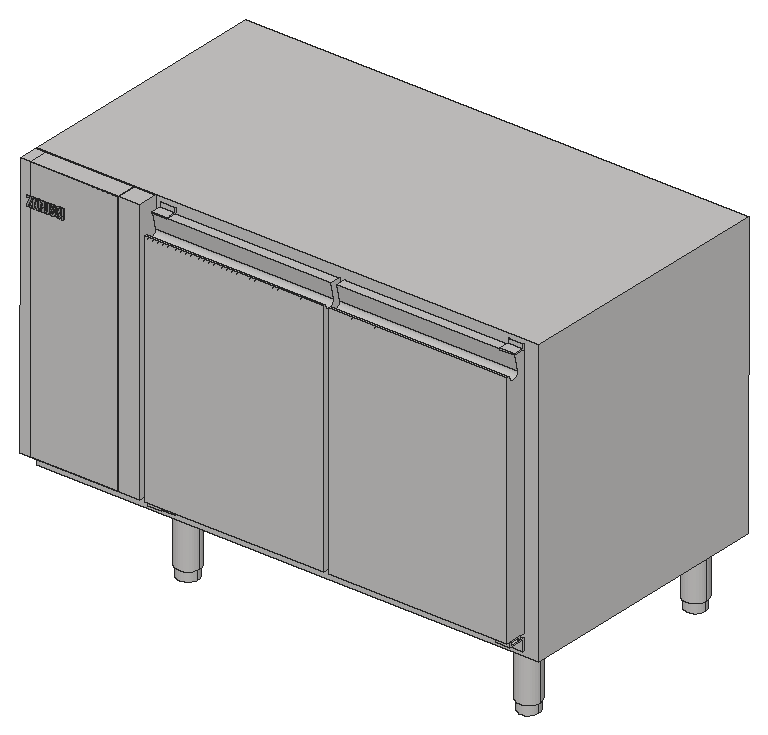
Revit family "QF_ZANUSSI_111110_ZK2H7AA", category Attrezzature speciali, Revit 2018
Family settings
  Quota connettore circolare = Usa diametro
  Tipo di parte = Normale
  Basato su piano di lavoro = No
  Sempre verticale = Sì
  Taglio con vuoti quando caricato = No
  Condiviso = No
  Punto di calcolo locali = No
Parameters (values of type "Standard")
  Weight = 90.00 kg
  Watts = 220 W
  Volts = 220 V
  URL Manufacturer = "http://www.zanussiprofessional.com"
  URL = "http://www.zanussiprofessional.com"
  Steam Supply Size = 0 mm
  Steam Supply Minimum Pressure = 0.0 Pa
  Steam Supply Maximum Pressure = 0.0 Pa
  Steam Consumption per Hour = 0
  Refrigeration Suction Line Size = 0 mm
  Refrigeration Liquid Line Size = 0 mm
  Refrigerant Compressor Remote = yes
  Produttore = "Zanussi"
  Phase = 1
  Modello = "ZK2H7AA"
  Length Actual = 1241 mm  # constant formula
  Item Number = "111110"
  Hot Water Size = 0 mm
  Height Actual = 850 mm  # constant formula
  HP = "0.3 HP"
  Gas Size = 0 mm
  Gas KW = 0
  Gas Input Pressure = 0 W
  Direct Waste Size = 0 mm
  Descrizione = "2-DOOR REFRIGERATED COUNTER, -2+10°C, AISI 304 (R290) WITHOUT WORK TOP"
  Depth Actual = 700 mm  # constant formula
  Cycle = 50 Hz
  Condensate Return Size = 0 mm
  Compressed Air Volume = 0.0 L/s
  Compressed Air Size = 0 mm
  Compressed Air Pressure = 0.0 Pa
  Cold Water Size = 0 mm
  Accessory = yes
Values of the unnamed type that differ from the named types
  Weight = 0.00 kg
  Watts = 0 W
  Volts = 0 V
  URL Manufacturer = ""
  Item Number = ""
  HP = ""
  Cycle = 0 Hz
Reference planes
  plane 1: z = 0
  plane 2 "Center (Left/Right)": x = -126.5
  plane 3 "Center (Front/Back)": y = 64.5
  plane 4 "FEET": z = 150
  plane 5 "TOP": z = 900
  plane 6 "PLAIN": z = 850
  plane 7 "EI_back": y = 103
  plane 8 "EI_left": x = -686
  plane 9 "BACK": y = 412
  plane 10 "FRONT": y = -283
  plane 11 "DOOR": y = -233
  plane 12 "LEFT": x = -747
  plane 13 "RIGHT": x = 494
  plane 14: x = -722
  plane 15: x = 469
Forms (mm)
  Extrusion 1, solid, material "QF_Finishes_Stainless Steel"
    sketch origin (-1022.223, -1524, 150) x (-1, 0, 0) y (0, -1, 0)
      loop
        circle (-336.223, -1627) r 5
    from 0 to -40
  Extrusion 2, solid, material "QF_Finishes_Stainless Steel"
    sketch origin (-1022.223, -1524, 150) x (-1, 0, 0) y (0, -1, 0)
      loop
        line (-516.223, -1291) -> (-300.223, -1291) -> (-300.223, -1241) -> (-516.223, -1241) -> (-516.223, -1291)
    from 48 to 700
  Extrusion 3, solid, material "QF_Finishes_Stainless Steel"
    sketch origin (-1022.223, -1524, 150) x (-1, 0, 0) y (0, -1, 0)
      loop
        line (-275.223, -1936) -> (-275.223, -1291) -> (-1516.223, -1291) -> (-1516.223, -1936) -> (-275.223, -1936)
    from 0 to 700
Lines and regions (mm)
  symbolic lines, style "SpecialityEquipmentHiddenLines"
    curve 1: line (-747, 412, 150) -> (494, 412, 150)
    curve 2: line (-747, -283, 150) -> (-747, 412, 150)
    curve 3: line (494, -283, 150) -> (-747, -283, 150)
    curve 4: line (494, 412, 150) -> (494, -283, 150)
    curve 5: line (-747, -233, 150) -> (494, -233, 150)
    curve 6: line (469, -283, 150) -> (469, -233, 150)
Dimensions and locks
  plane 4 "FEET" to level = 150 mm
  plane 11 "DOOR" to plane 10 "FRONT" = 50 mm
  plane 6 "PLAIN" to plane 4 "FEET" = 700 mm
  plane 5 "TOP" to plane 6 "PLAIN" = 50 mm
  plane 12 "LEFT" to plane 14 = 25 mm
  plane 15 to plane 13 "RIGHT" = 25 mm
  plane 9 "BACK" to plane 7 "EI_back" = 309 mm
  plane 12 "LEFT" to plane 8 "EI_left" = 61 mm
  plane 12 "LEFT" to plane 13 "RIGHT" = 1241 mm
  equal spacing: plane 12 "LEFT", plane 2 "Center (Left/Right)", plane 13 "RIGHT"
  plane 9 "BACK" to plane 10 "FRONT" = 695 mm
  equal spacing: plane 9 "BACK", plane 3 "Center (Front/Back)", plane 10 "FRONT"
  aligned and locked: level to plane 1
  aligned and locked: plane 14 to Extrusion 2
Automatic sketch dimensions
  Extrusion 1 sketch curve to plane 7 "EI_back" = 0 mm
  Extrusion 1 sketch curve to plane 8 "EI_left" = 0 mm
  Extrusion 2 sketch curve to plane 11 "DOOR" = 0 mm
  Extrusion 2 sketch curve to plane 13 "RIGHT" = 1216 mm
  Extrusion 2 sketch curve to plane 10 "FRONT" = 0 mm
  Extrusion 2 sketch curve to plane 15 = 975 mm
  Extrusion 3 sketch curve to plane 9 "BACK" = 0 mm
  Extrusion 3 sketch curve to plane 13 "RIGHT" = 0 mm
  Extrusion 3 sketch curve to plane 11 "DOOR" = 0 mm
  Extrusion 3 sketch curve to plane 12 "LEFT" = 0 mm
  curve 1 to plane 13 "RIGHT" = 0 mm
  curve 6 to plane 10 "FRONT" = 0 mm
  curve 6 to plane 15 = 0 mm
  curve 5 to plane 12 "LEFT" = 0 mm
  curve 6 to plane 11 "DOOR" = 0 mm
  curve 1 to plane 9 "BACK" = 0 mm
  radius of Extrusion 1 sketch curve = 5 mm
Nested families
  nested 1: "HPC_Refrigerator" at (494, -283, 0), type "HPC_Refrigerator"
  nested 2: "HPC_FEET" at (-413, 331, 0), type "HPC_FEET"
  nested 3: "HPC_FEET" at (428, 331, 0), type "HPC_FEET"
  nested 4: "HPC_FEET" at (-413, -183, 0), type "HPC_FEET"
  nested 5: "HPC_FEET" at (428, -183, 0), type "HPC_FEET"
  nested 6: "HPC_ZAN_BI_TN_L" at (-540.08, -233, 598) x (1, 0, 0) z (0, -1, 0), type "HPC_ZAN_BI_TN_L"
    with Show Logo yes
  nested 7: "HPC_ZAN_SD_L" at (-219, -233, 512) x (1, 0, 0) z (0, -1, 0), type "HPC_ZAN_SD_L"
    with Show Clearance yes
  nested 8: "HPC_ZAN_SD_R" at (235, -233, 512) x (1, 0, 0) z (0, -1, 0), type "HPC_ZAN_SD_R"
    with Show Clearance yes
Connectors
  electrical at (-686, 103, 110), driven by "Volts"
    settings: on Extrusion 1, index 1, voltage 220 V, apparent load 0 VA, apparent load phase1 0 VA, apparent load phase2 0 VA, apparent load phase3 0 VA, power factor 1, load classification "Other", number of poles 1, system type 31, power factor state 1, is connector primary yes, connector utility no, sub classification motor no, connector description "Electrical Connection"
Definition of nested family "HPC_FEET"
  Parameters
    FEET = 150 mm
  Reference planes
    plane 1 "Center (Front/Back)": y = 0
    plane 2: z = 0
    plane 3 "Center (Left/Right)": x = 0
    plane 4: z = 150
  Forms (mm)
    Revolve 1, solid
      sketch origin (255.05, 0, 608.09) x (0, 0, 1) y (-1, 0, 0)
        loop
          line (-608.09, 255.05) -> (-608.09, 230.05) -> (-583.09, 230.05) -> (-583.09, 226.05) -> (-458.09, 226.05) -> (-458.09, 255.05) -> (-608.09, 255.05)
        axis (-608.09, 255.05) -> (-458.09, 255.05)
      angle from 0 to 360
  Dimensions and locks
    locked: Revolve 1 sketch curve to Revolve 1 sketch curve at 125
    "FEET": plane 4 to plane 2
    aligned and locked: level to plane 2
    aligned and locked: plane 4 to Revolve 1 sketch curve
    aligned and locked: Revolve 1 sketch curve to level
    aligned and locked: plane 3 "Center (Left/Right)" to Revolve 1 sketch curve
  Automatic sketch dimensions
    Revolve 1 sketch curve to plane 3 "Center (Left/Right)" = 0 mm
    Revolve 1 sketch curve to Revolve 1 sketch curve = 25 mm
    Revolve 1 sketch curve to Revolve 1 sketch curve = 29 mm
    plane 4 to Revolve 1 sketch curve = 50 mm
    Revolve 1 sketch curve to Revolve 1 sketch curve = 20 mm
Definition of nested family "HPC_ZAN_BI_TN_L"
  Parameters
    Show Logo [instance] = yes
    Default Elevation = 1219.2 mm
  Reference planes
    plane 1 "Center (Front/Back)": y = -74
    plane 2: z = 0
    plane 3 "Center (Left/Right)": x = -59.92
    plane 4: x = -206.92
    plane 5: x = 87.08
    plane 6: y = 252
    plane 7: y = -400
  Forms (mm)
    Extrusion 1, solid
      sketch origin (0, 0, 0) x (1, 0, 0) y (0, 1, 0)
        loop
          line (-1219.2, 1219.2) -> (-1219.2, -1219.2) -> (1219.2, -1219.2) -> (1219.2, 1219.2) -> (-1219.2, 1219.2)
      from 0 to -304.8
    Extrusion 2, solid
      sketch origin (0, 0, 0) x (1, 0, 0) y (0, 1, 0)
        loop
          line (-206.92, 252) -> (-206.92, -400) -> (87.08, -400) -> (87.08, 252) -> (-206.92, 252)
      from 0 to 50
    Extrusion 3, solid, not visible
      sketch origin (0, 0, 0) x (1, 0, 0) y (0, 1, 0)
        loop
          line (-206.92, 252) -> (-206.92, -400) -> (87.08, -400) -> (87.08, 252) -> (-206.92, 252)
      from 0 to 50
    Extrusion 4, solid
      sketch origin (0, 0, 0) x (1, 0, 0) y (0, 1, 0)
        loop
          line (-176.98, 153.377) -> (-176.98, 158.29) -> (-184.348, 158.29) -> (-176.98, 173.31) -> (-176.98, 177.381) -> (-189.192, 177.381) -> (-189.192, 172.889) -> (-182.735, 173.029) -> (-189.754, 158.29) -> (-189.754, 153.377) -> (-176.98, 153.377)
        loop
          line (-169.929, 162.361) -> (-167.122, 162.361) -> (-168.525, 173.278) -> (-169.929, 162.361)
        loop
          line (-171.192, 153.377) -> (-170.491, 158.009) -> (-166.42, 158.009) -> (-165.718, 153.377) -> (-160.664, 153.377) -> (-165.156, 177.381) -> (-171.894, 177.381) -> (-176.246, 153.377) -> (-171.192, 153.377)
        loop
          line (-160.042, 177.381) -> (-160.042, 153.377) -> (-155.691, 153.377) -> (-155.691, 169.239) -> (-151.62, 153.377) -> (-146.286, 153.377) -> (-146.286, 177.381) -> (-150.778, 177.381) -> (-150.778, 162.08) -> (-154.848, 177.381) -> (-160.042, 177.381)
        loop
          arc (-145.163, 159.313) -> (-139.158, 153.338) -> (-132.389, 158.43) r 6.468
          line (-132.389, 158.43) -> (-132.389, 177.381) -> (-137.302, 177.381) -> (-137.302, 159.553)
          arc (-137.302, 159.553) -> (-138.593, 158.064) -> (-140.25, 159.132) r 1.504
          line (-140.25, 159.132) -> (-140.25, 177.381) -> (-145.163, 177.381) -> (-145.163, 159.313)
        loop
          line (-123.264, 169.8) -> (-118.632, 169.8) -> (-118.556, 171.983)
          arc (-118.556, 171.983) -> (-118.879, 174.415) -> (-120.404, 176.338) r 4.609
          arc (-120.404, 176.338) -> (-124.888, 177.8) -> (-129.372, 176.338) r 7.606
          arc (-129.372, 176.338) -> (-131.2, 172.788) -> (-130.974, 168.801) r 7.59
          arc (-130.974, 168.801) -> (-129.472, 166.597) -> (-127.628, 164.67) r 16.193
          line (-127.628, 164.67) -> (-125.559, 162.836)
          arc (-125.559, 162.836) -> (-124.336, 161.798) -> (-123.386, 160.505) r 6.904
          arc (-123.386, 160.505) -> (-123.621, 158.247) -> (-125.834, 157.743) r 1.95
          arc (-125.834, 157.743) -> (-126.501, 158.417) -> (-126.786, 159.321) r 2.021
          arc (-126.786, 159.321) -> (-126.808, 159.958) -> (-126.786, 160.595) r 9.221
          arc (-126.786, 160.595) -> (-126.765, 161.197) -> (-126.786, 161.799) r 8.711
          line (-126.786, 161.799) -> (-131.687, 161.799)
          arc (-131.687, 161.799) -> (-131.64, 158.363) -> (-130.285, 155.205) r 8.837
          arc (-130.285, 155.205) -> (-123.886, 153.382) -> (-118.495, 157.284) r 7.618
          arc (-118.495, 157.284) -> (-118.397, 161.313) -> (-120.126, 164.954) r 8.7
          line (-120.126, 164.954) -> (-125.51, 169.8)
          arc (-125.51, 169.8) -> (-126.239, 170.716) -> (-126.629, 171.818) r 3.541
          arc (-126.629, 171.818) -> (-125.243, 173.797) -> (-123.264, 172.411) r 1.708
          line (-123.264, 172.411) -> (-123.264, 169.8)
        loop
          line (-109.264, 169.8) -> (-104.632, 169.8) -> (-104.556, 171.983)
          arc (-104.556, 171.983) -> (-104.879, 174.415) -> (-106.404, 176.338) r 4.609
          arc (-106.404, 176.338) -> (-110.888, 177.8) -> (-115.372, 176.338) r 7.606
          arc (-115.372, 176.338) -> (-117.2, 172.788) -> (-116.974, 168.801) r 7.59
          arc (-116.974, 168.801) -> (-115.472, 166.597) -> (-113.628, 164.67) r 16.193
          line (-113.628, 164.67) -> (-111.559, 162.836)
          arc (-111.559, 162.836) -> (-110.336, 161.798) -> (-109.386, 160.505) r 6.904
          arc (-109.386, 160.505) -> (-109.621, 158.247) -> (-111.834, 157.743) r 1.95
          arc (-111.834, 157.743) -> (-112.501, 158.417) -> (-112.786, 159.321) r 2.021
          arc (-112.786, 159.321) -> (-112.808, 159.958) -> (-112.786, 160.595) r 9.221
          arc (-112.786, 160.595) -> (-112.765, 161.197) -> (-112.786, 161.799) r 8.711
          line (-112.786, 161.799) -> (-117.687, 161.799)
          arc (-117.687, 161.799) -> (-117.64, 158.363) -> (-116.285, 155.205) r 8.837
          arc (-116.285, 155.205) -> (-109.886, 153.382) -> (-104.495, 157.284) r 7.618
          arc (-104.495, 157.284) -> (-104.397, 161.313) -> (-106.126, 164.954) r 8.7
          line (-106.126, 164.954) -> (-111.51, 169.8)
          arc (-111.51, 169.8) -> (-112.239, 170.716) -> (-112.629, 171.818) r 3.541
          arc (-112.629, 171.818) -> (-111.243, 173.797) -> (-109.264, 172.411) r 1.708
          line (-109.264, 172.411) -> (-109.264, 169.8)
        loop
          line (-103.612, 177.381) -> (-103.612, 153.377) -> (-98.699, 153.377) -> (-98.699, 177.381) -> (-103.612, 177.381)
      from 50 to 51.6
  Lines and regions (mm)
    Split face 1
      outline origin (-12.5, 0, 50) x (1, 0, 0) y (0, 1, 0)
        loop
          line (-5.42, 177) -> (-5.42, 154) -> (64.58, 154) -> (64.58, 177) -> (-5.42, 177)
    Split face 2
      outline origin (0, 0, 50) x (1, 0, 0) y (0, 1, 0)
        loop
          line (-206.92, 188) -> (87.08, 188)
    Split face 3
      outline origin (0, 0, 50) x (1, 0, 0) y (0, 1, 0)
        loop
          arc (-163.464, 131.824) -> (-167.464, 127.824) -> (-163.464, 123.824) r 4
          line (-163.464, 123.824) -> (-121.464, 123.824)
          arc (-121.464, 123.824) -> (-117.464, 127.824) -> (-121.464, 131.824) r 4
          line (-121.464, 131.824) -> (-163.464, 131.824)
    Split face 4
      outline origin (330, 0, 50) x (1, 0, 0) y (0, 1, 0)
        loop
          arc (-328.464, 131.824) -> (-332.464, 127.824) -> (-328.464, 123.824) r 4
          line (-328.464, 123.824) -> (-286.464, 123.824)
          arc (-286.464, 123.824) -> (-282.464, 127.824) -> (-286.464, 131.824) r 4
          line (-286.464, 131.824) -> (-328.464, 131.824)
    Split face 5
      outline origin (110, 0, 50) x (1, 0, 0) y (0, 1, 0)
        loop
          arc (-218.464, 131.824) -> (-222.464, 127.824) -> (-218.464, 123.824) r 4
          line (-218.464, 123.824) -> (-176.464, 123.824)
          arc (-176.464, 123.824) -> (-172.464, 127.824) -> (-176.464, 131.824) r 4
          line (-176.464, 131.824) -> (-218.464, 131.824)
    Split face 6
      outline origin (220, 0, 50) x (1, 0, 0) y (0, 1, 0)
        loop
          arc (-273.464, 131.824) -> (-277.464, 127.824) -> (-273.464, 123.824) r 4
          line (-273.464, 123.824) -> (-231.464, 123.824)
          arc (-231.464, 123.824) -> (-227.464, 127.824) -> (-231.464, 131.824) r 4
          line (-231.464, 131.824) -> (-273.464, 131.824)
    Split face 7, not visible
      outline origin (0, 0, 50) x (1, 0, 0) y (0, 1, 0)
        loop
          arc (-163.464, 131.824) -> (-167.464, 127.824) -> (-163.464, 123.824) r 4
          line (-163.464, 123.824) -> (-121.464, 123.824)
          arc (-121.464, 123.824) -> (-117.464, 127.824) -> (-121.464, 131.824) r 4
          line (-121.464, 131.824) -> (-163.464, 131.824)
    Split face 8
      outline origin (0, -24, 50) x (1, 0, 0) y (0, 1, 0)
        loop
          arc (-163.464, 143.824) -> (-167.464, 139.824) -> (-163.464, 135.824) r 4
          line (-163.464, 135.824) -> (-121.464, 135.824)
          arc (-121.464, 135.824) -> (-117.464, 139.824) -> (-121.464, 143.824) r 4
          line (-121.464, 143.824) -> (-163.464, 143.824)
    Split face 9
      outline origin (330, -24, 50) x (1, 0, 0) y (0, 1, 0)
        loop
          arc (-328.464, 143.824) -> (-332.464, 139.824) -> (-328.464, 135.824) r 4
          line (-328.464, 135.824) -> (-286.464, 135.824)
          arc (-286.464, 135.824) -> (-282.464, 139.824) -> (-286.464, 143.824) r 4
          line (-286.464, 143.824) -> (-328.464, 143.824)
    Split face 10
      outline origin (110, -24, 50) x (1, 0, 0) y (0, 1, 0)
        loop
          arc (-218.464, 143.824) -> (-222.464, 139.824) -> (-218.464, 135.824) r 4
          line (-218.464, 135.824) -> (-176.464, 135.824)
          arc (-176.464, 135.824) -> (-172.464, 139.824) -> (-176.464, 143.824) r 4
          line (-176.464, 143.824) -> (-218.464, 143.824)
    Split face 11
      outline origin (220, -24, 50) x (1, 0, 0) y (0, 1, 0)
        loop
          arc (-273.464, 143.824) -> (-277.464, 139.824) -> (-273.464, 135.824) r 4
          line (-273.464, 135.824) -> (-231.464, 135.824)
          arc (-231.464, 135.824) -> (-227.464, 139.824) -> (-231.464, 143.824) r 4
          line (-231.464, 143.824) -> (-273.464, 143.824)
    Split face 12
      outline origin (0, -48, 50) x (1, 0, 0) y (0, 1, 0)
        loop
          arc (-163.464, 155.824) -> (-167.464, 151.824) -> (-163.464, 147.824) r 4
          line (-163.464, 147.824) -> (-121.464, 147.824)
          arc (-121.464, 147.824) -> (-117.464, 151.824) -> (-121.464, 155.824) r 4
          line (-121.464, 155.824) -> (-163.464, 155.824)
    Split face 13
      outline origin (330, -48, 50) x (1, 0, 0) y (0, 1, 0)
        loop
          arc (-328.464, 155.824) -> (-332.464, 151.824) -> (-328.464, 147.824) r 4
          line (-328.464, 147.824) -> (-286.464, 147.824)
          arc (-286.464, 147.824) -> (-282.464, 151.824) -> (-286.464, 155.824) r 4
          line (-286.464, 155.824) -> (-328.464, 155.824)
    Split face 14
      outline origin (110, -48, 50) x (1, 0, 0) y (0, 1, 0)
        loop
          arc (-218.464, 155.824) -> (-222.464, 151.824) -> (-218.464, 147.824) r 4
          line (-218.464, 147.824) -> (-176.464, 147.824)
          arc (-176.464, 147.824) -> (-172.464, 151.824) -> (-176.464, 155.824) r 4
          line (-176.464, 155.824) -> (-218.464, 155.824)
    Split face 15
      outline origin (220, -48, 50) x (1, 0, 0) y (0, 1, 0)
        loop
          arc (-273.464, 155.824) -> (-277.464, 151.824) -> (-273.464, 147.824) r 4
          line (-273.464, 147.824) -> (-231.464, 147.824)
          arc (-231.464, 147.824) -> (-227.464, 151.824) -> (-231.464, 155.824) r 4
          line (-231.464, 155.824) -> (-273.464, 155.824)
    Split face 16
      outline origin (0, -72, 50) x (1, 0, 0) y (0, 1, 0)
        loop
          arc (-163.464, 167.824) -> (-167.464, 163.824) -> (-163.464, 159.824) r 4
          line (-163.464, 159.824) -> (-121.464, 159.824)
          arc (-121.464, 159.824) -> (-117.464, 163.824) -> (-121.464, 167.824) r 4
          line (-121.464, 167.824) -> (-163.464, 167.824)
    Split face 17
      outline origin (330, -72, 50) x (1, 0, 0) y (0, 1, 0)
        loop
          arc (-328.464, 167.824) -> (-332.464, 163.824) -> (-328.464, 159.824) r 4
          line (-328.464, 159.824) -> (-286.464, 159.824)
          arc (-286.464, 159.824) -> (-282.464, 163.824) -> (-286.464, 167.824) r 4
          line (-286.464, 167.824) -> (-328.464, 167.824)
    Split face 18
      outline origin (110, -72, 50) x (1, 0, 0) y (0, 1, 0)
        loop
          arc (-218.464, 167.824) -> (-222.464, 163.824) -> (-218.464, 159.824) r 4
          line (-218.464, 159.824) -> (-176.464, 159.824)
          arc (-176.464, 159.824) -> (-172.464, 163.824) -> (-176.464, 167.824) r 4
          line (-176.464, 167.824) -> (-218.464, 167.824)
    Split face 19
      outline origin (220, -72, 50) x (1, 0, 0) y (0, 1, 0)
        loop
          arc (-273.464, 167.824) -> (-277.464, 163.824) -> (-273.464, 159.824) r 4
          line (-273.464, 159.824) -> (-231.464, 159.824)
          arc (-231.464, 159.824) -> (-227.464, 163.824) -> (-231.464, 167.824) r 4
          line (-231.464, 167.824) -> (-273.464, 167.824)
    Split face 20
      outline origin (0, -96, 50) x (1, 0, 0) y (0, 1, 0)
        loop
          arc (-163.464, 179.824) -> (-167.464, 175.824) -> (-163.464, 171.824) r 4
          line (-163.464, 171.824) -> (-121.464, 171.824)
          arc (-121.464, 171.824) -> (-117.464, 175.824) -> (-121.464, 179.824) r 4
          line (-121.464, 179.824) -> (-163.464, 179.824)
    Split face 21
      outline origin (330, -96, 50) x (1, 0, 0) y (0, 1, 0)
        loop
          arc (-328.464, 179.824) -> (-332.464, 175.824) -> (-328.464, 171.824) r 4
          line (-328.464, 171.824) -> (-286.464, 171.824)
          arc (-286.464, 171.824) -> (-282.464, 175.824) -> (-286.464, 179.824) r 4
          line (-286.464, 179.824) -> (-328.464, 179.824)
    Split face 22
      outline origin (110, -96, 50) x (1, 0, 0) y (0, 1, 0)
        loop
          arc (-218.464, 179.824) -> (-222.464, 175.824) -> (-218.464, 171.824) r 4
          line (-218.464, 171.824) -> (-176.464, 171.824)
          arc (-176.464, 171.824) -> (-172.464, 175.824) -> (-176.464, 179.824) r 4
          line (-176.464, 179.824) -> (-218.464, 179.824)
    Split face 23
      outline origin (220, -96, 50) x (1, 0, 0) y (0, 1, 0)
        loop
          arc (-273.464, 179.824) -> (-277.464, 175.824) -> (-273.464, 171.824) r 4
          line (-273.464, 171.824) -> (-231.464, 171.824)
          arc (-231.464, 171.824) -> (-227.464, 175.824) -> (-231.464, 179.824) r 4
          line (-231.464, 179.824) -> (-273.464, 179.824)
    Split face 24
      outline origin (0, -120, 50) x (1, 0, 0) y (0, 1, 0)
        loop
          arc (-163.464, 191.824) -> (-167.464, 187.824) -> (-163.464, 183.824) r 4
          line (-163.464, 183.824) -> (-121.464, 183.824)
          arc (-121.464, 183.824) -> (-117.464, 187.824) -> (-121.464, 191.824) r 4
          line (-121.464, 191.824) -> (-163.464, 191.824)
    Split face 25
      outline origin (330, -120, 50) x (1, 0, 0) y (0, 1, 0)
        loop
          arc (-328.464, 191.824) -> (-332.464, 187.824) -> (-328.464, 183.824) r 4
          line (-328.464, 183.824) -> (-286.464, 183.824)
          arc (-286.464, 183.824) -> (-282.464, 187.824) -> (-286.464, 191.824) r 4
          line (-286.464, 191.824) -> (-328.464, 191.824)
    Split face 26
      outline origin (110, -120, 50) x (1, 0, 0) y (0, 1, 0)
        loop
          arc (-218.464, 191.824) -> (-222.464, 187.824) -> (-218.464, 183.824) r 4
          line (-218.464, 183.824) -> (-176.464, 183.824)
          arc (-176.464, 183.824) -> (-172.464, 187.824) -> (-176.464, 191.824) r 4
          line (-176.464, 191.824) -> (-218.464, 191.824)
    Split face 27
      outline origin (220, -120, 50) x (1, 0, 0) y (0, 1, 0)
        loop
          arc (-273.464, 191.824) -> (-277.464, 187.824) -> (-273.464, 183.824) r 4
          line (-273.464, 183.824) -> (-231.464, 183.824)
          arc (-231.464, 183.824) -> (-227.464, 187.824) -> (-231.464, 191.824) r 4
          line (-231.464, 191.824) -> (-273.464, 191.824)
    Split face 28
      outline origin (0, -144, 50) x (1, 0, 0) y (0, 1, 0)
        loop
          arc (-163.464, 203.824) -> (-167.464, 199.824) -> (-163.464, 195.824) r 4
          line (-163.464, 195.824) -> (-121.464, 195.824)
          arc (-121.464, 195.824) -> (-117.464, 199.824) -> (-121.464, 203.824) r 4
          line (-121.464, 203.824) -> (-163.464, 203.824)
    Split face 29
      outline origin (330, -144, 50) x (1, 0, 0) y (0, 1, 0)
        loop
          arc (-328.464, 203.824) -> (-332.464, 199.824) -> (-328.464, 195.824) r 4
          line (-328.464, 195.824) -> (-286.464, 195.824)
          arc (-286.464, 195.824) -> (-282.464, 199.824) -> (-286.464, 203.824) r 4
          line (-286.464, 203.824) -> (-328.464, 203.824)
    Split face 30
      outline origin (110, -144, 50) x (1, 0, 0) y (0, 1, 0)
        loop
          arc (-218.464, 203.824) -> (-222.464, 199.824) -> (-218.464, 195.824) r 4
          line (-218.464, 195.824) -> (-176.464, 195.824)
          arc (-176.464, 195.824) -> (-172.464, 199.824) -> (-176.464, 203.824) r 4
          line (-176.464, 203.824) -> (-218.464, 203.824)
    Split face 31
      outline origin (220, -144, 50) x (1, 0, 0) y (0, 1, 0)
        loop
          arc (-273.464, 203.824) -> (-277.464, 199.824) -> (-273.464, 195.824) r 4
          line (-273.464, 195.824) -> (-231.464, 195.824)
          arc (-231.464, 195.824) -> (-227.464, 199.824) -> (-231.464, 203.824) r 4
          line (-231.464, 203.824) -> (-273.464, 203.824)
    Split face 32
      outline origin (0, -168, 50) x (1, 0, 0) y (0, 1, 0)
        loop
          arc (-163.464, 215.824) -> (-167.464, 211.824) -> (-163.464, 207.824) r 4
          line (-163.464, 207.824) -> (-121.464, 207.824)
          arc (-121.464, 207.824) -> (-117.464, 211.824) -> (-121.464, 215.824) r 4
          line (-121.464, 215.824) -> (-163.464, 215.824)
    Split face 33
      outline origin (330, -168, 50) x (1, 0, 0) y (0, 1, 0)
        loop
          arc (-328.464, 215.824) -> (-332.464, 211.824) -> (-328.464, 207.824) r 4
          line (-328.464, 207.824) -> (-286.464, 207.824)
          arc (-286.464, 207.824) -> (-282.464, 211.824) -> (-286.464, 215.824) r 4
          line (-286.464, 215.824) -> (-328.464, 215.824)
    Split face 34
      outline origin (110, -168, 50) x (1, 0, 0) y (0, 1, 0)
        loop
          arc (-218.464, 215.824) -> (-222.464, 211.824) -> (-218.464, 207.824) r 4
          line (-218.464, 207.824) -> (-176.464, 207.824)
          arc (-176.464, 207.824) -> (-172.464, 211.824) -> (-176.464, 215.824) r 4
          line (-176.464, 215.824) -> (-218.464, 215.824)
    Split face 35
      outline origin (220, -168, 50) x (1, 0, 0) y (0, 1, 0)
        loop
          arc (-273.464, 215.824) -> (-277.464, 211.824) -> (-273.464, 207.824) r 4
          line (-273.464, 207.824) -> (-231.464, 207.824)
          arc (-231.464, 207.824) -> (-227.464, 211.824) -> (-231.464, 215.824) r 4
          line (-231.464, 215.824) -> (-273.464, 215.824)
    Split face 36
      outline origin (0, -192, 50) x (1, 0, 0) y (0, 1, 0)
        loop
          arc (-163.464, 227.824) -> (-167.464, 223.824) -> (-163.464, 219.824) r 4
          line (-163.464, 219.824) -> (-121.464, 219.824)
          arc (-121.464, 219.824) -> (-117.464, 223.824) -> (-121.464, 227.824) r 4
          line (-121.464, 227.824) -> (-163.464, 227.824)
    Split face 37
      outline origin (330, -192, 50) x (1, 0, 0) y (0, 1, 0)
        loop
          arc (-328.464, 227.824) -> (-332.464, 223.824) -> (-328.464, 219.824) r 4
          line (-328.464, 219.824) -> (-286.464, 219.824)
          arc (-286.464, 219.824) -> (-282.464, 223.824) -> (-286.464, 227.824) r 4
          line (-286.464, 227.824) -> (-328.464, 227.824)
    Split face 38
      outline origin (110, -192, 50) x (1, 0, 0) y (0, 1, 0)
        loop
          arc (-218.464, 227.824) -> (-222.464, 223.824) -> (-218.464, 219.824) r 4
          line (-218.464, 219.824) -> (-176.464, 219.824)
          arc (-176.464, 219.824) -> (-172.464, 223.824) -> (-176.464, 227.824) r 4
          line (-176.464, 227.824) -> (-218.464, 227.824)
    Split face 39
      outline origin (220, -192, 50) x (1, 0, 0) y (0, 1, 0)
        loop
          arc (-273.464, 227.824) -> (-277.464, 223.824) -> (-273.464, 219.824) r 4
          line (-273.464, 219.824) -> (-231.464, 219.824)
          arc (-231.464, 219.824) -> (-227.464, 223.824) -> (-231.464, 227.824) r 4
          line (-231.464, 227.824) -> (-273.464, 227.824)
    Split face 40
      outline origin (0, -216, 50) x (1, 0, 0) y (0, 1, 0)
        loop
          arc (-163.464, 239.824) -> (-167.464, 235.824) -> (-163.464, 231.824) r 4
          line (-163.464, 231.824) -> (-121.464, 231.824)
          arc (-121.464, 231.824) -> (-117.464, 235.824) -> (-121.464, 239.824) r 4
          line (-121.464, 239.824) -> (-163.464, 239.824)
    Split face 41
      outline origin (330, -216, 50) x (1, 0, 0) y (0, 1, 0)
        loop
          arc (-328.464, 239.824) -> (-332.464, 235.824) -> (-328.464, 231.824) r 4
          line (-328.464, 231.824) -> (-286.464, 231.824)
          arc (-286.464, 231.824) -> (-282.464, 235.824) -> (-286.464, 239.824) r 4
          line (-286.464, 239.824) -> (-328.464, 239.824)
    Split face 42
      outline origin (110, -216, 50) x (1, 0, 0) y (0, 1, 0)
        loop
          arc (-218.464, 239.824) -> (-222.464, 235.824) -> (-218.464, 231.824) r 4
          line (-218.464, 231.824) -> (-176.464, 231.824)
          arc (-176.464, 231.824) -> (-172.464, 235.824) -> (-176.464, 239.824) r 4
          line (-176.464, 239.824) -> (-218.464, 239.824)
    Split face 43
      outline origin (220, -216, 50) x (1, 0, 0) y (0, 1, 0)
        loop
          arc (-273.464, 239.824) -> (-277.464, 235.824) -> (-273.464, 231.824) r 4
          line (-273.464, 231.824) -> (-231.464, 231.824)
          arc (-231.464, 231.824) -> (-227.464, 235.824) -> (-231.464, 239.824) r 4
          line (-231.464, 239.824) -> (-273.464, 239.824)
    Split face 44
      outline origin (0, -240, 50) x (1, 0, 0) y (0, 1, 0)
        loop
          arc (-163.464, 251.824) -> (-167.464, 247.824) -> (-163.464, 243.824) r 4
          line (-163.464, 243.824) -> (-121.464, 243.824)
          arc (-121.464, 243.824) -> (-117.464, 247.824) -> (-121.464, 251.824) r 4
          line (-121.464, 251.824) -> (-163.464, 251.824)
    Split face 45
      outline origin (330, -240, 50) x (1, 0, 0) y (0, 1, 0)
        loop
          arc (-328.464, 251.824) -> (-332.464, 247.824) -> (-328.464, 243.824) r 4
          line (-328.464, 243.824) -> (-286.464, 243.824)
          arc (-286.464, 243.824) -> (-282.464, 247.824) -> (-286.464, 251.824) r 4
          line (-286.464, 251.824) -> (-328.464, 251.824)
    Split face 46
      outline origin (110, -240, 50) x (1, 0, 0) y (0, 1, 0)
        loop
          arc (-218.464, 251.824) -> (-222.464, 247.824) -> (-218.464, 243.824) r 4
          line (-218.464, 243.824) -> (-176.464, 243.824)
          arc (-176.464, 243.824) -> (-172.464, 247.824) -> (-176.464, 251.824) r 4
          line (-176.464, 251.824) -> (-218.464, 251.824)
    Split face 47
      outline origin (220, -240, 50) x (1, 0, 0) y (0, 1, 0)
        loop
          arc (-273.464, 251.824) -> (-277.464, 247.824) -> (-273.464, 243.824) r 4
          line (-273.464, 243.824) -> (-231.464, 243.824)
          arc (-231.464, 243.824) -> (-227.464, 247.824) -> (-231.464, 251.824) r 4
          line (-231.464, 251.824) -> (-273.464, 251.824)
    Split face 48
      outline origin (0, -264, 50) x (1, 0, 0) y (0, 1, 0)
        loop
          arc (-163.464, 263.824) -> (-167.464, 259.824) -> (-163.464, 255.824) r 4
          line (-163.464, 255.824) -> (-121.464, 255.824)
          arc (-121.464, 255.824) -> (-117.464, 259.824) -> (-121.464, 263.824) r 4
          line (-121.464, 263.824) -> (-163.464, 263.824)
    Split face 49
      outline origin (330, -264, 50) x (1, 0, 0) y (0, 1, 0)
        loop
          arc (-328.464, 263.824) -> (-332.464, 259.824) -> (-328.464, 255.824) r 4
          line (-328.464, 255.824) -> (-286.464, 255.824)
          arc (-286.464, 255.824) -> (-282.464, 259.824) -> (-286.464, 263.824) r 4
          line (-286.464, 263.824) -> (-328.464, 263.824)
    Split face 50
      outline origin (110, -264, 50) x (1, 0, 0) y (0, 1, 0)
        loop
          arc (-218.464, 263.824) -> (-222.464, 259.824) -> (-218.464, 255.824) r 4
          line (-218.464, 255.824) -> (-176.464, 255.824)
          arc (-176.464, 255.824) -> (-172.464, 259.824) -> (-176.464, 263.824) r 4
          line (-176.464, 263.824) -> (-218.464, 263.824)
    Split face 51
      outline origin (220, -264, 50) x (1, 0, 0) y (0, 1, 0)
        loop
          arc (-273.464, 263.824) -> (-277.464, 259.824) -> (-273.464, 255.824) r 4
          line (-273.464, 255.824) -> (-231.464, 255.824)
          arc (-231.464, 255.824) -> (-227.464, 259.824) -> (-231.464, 263.824) r 4
          line (-231.464, 263.824) -> (-273.464, 263.824)
    Split face 52
      outline origin (0, -288, 50) x (1, 0, 0) y (0, 1, 0)
        loop
          arc (-163.464, 275.824) -> (-167.464, 271.824) -> (-163.464, 267.824) r 4
          line (-163.464, 267.824) -> (-121.464, 267.824)
          arc (-121.464, 267.824) -> (-117.464, 271.824) -> (-121.464, 275.824) r 4
          line (-121.464, 275.824) -> (-163.464, 275.824)
    Split face 53
      outline origin (330, -288, 50) x (1, 0, 0) y (0, 1, 0)
        loop
          arc (-328.464, 275.824) -> (-332.464, 271.824) -> (-328.464, 267.824) r 4
          line (-328.464, 267.824) -> (-286.464, 267.824)
          arc (-286.464, 267.824) -> (-282.464, 271.824) -> (-286.464, 275.824) r 4
          line (-286.464, 275.824) -> (-328.464, 275.824)
    Split face 54
      outline origin (110, -288, 50) x (1, 0, 0) y (0, 1, 0)
        loop
          arc (-218.464, 275.824) -> (-222.464, 271.824) -> (-218.464, 267.824) r 4
          line (-218.464, 267.824) -> (-176.464, 267.824)
          arc (-176.464, 267.824) -> (-172.464, 271.824) -> (-176.464, 275.824) r 4
          line (-176.464, 275.824) -> (-218.464, 275.824)
    Split face 55
      outline origin (220, -288, 50) x (1, 0, 0) y (0, 1, 0)
        loop
          arc (-273.464, 275.824) -> (-277.464, 271.824) -> (-273.464, 267.824) r 4
          line (-273.464, 267.824) -> (-231.464, 267.824)
          arc (-231.464, 267.824) -> (-227.464, 271.824) -> (-231.464, 275.824) r 4
          line (-231.464, 275.824) -> (-273.464, 275.824)
    Split face 56
      outline origin (0, -312, 50) x (1, 0, 0) y (0, 1, 0)
        loop
          arc (-163.464, 287.824) -> (-167.464, 283.824) -> (-163.464, 279.824) r 4
          line (-163.464, 279.824) -> (-121.464, 279.824)
          arc (-121.464, 279.824) -> (-117.464, 283.824) -> (-121.464, 287.824) r 4
          line (-121.464, 287.824) -> (-163.464, 287.824)
    Split face 57
      outline origin (330, -312, 50) x (1, 0, 0) y (0, 1, 0)
        loop
          arc (-328.464, 287.824) -> (-332.464, 283.824) -> (-328.464, 279.824) r 4
          line (-328.464, 279.824) -> (-286.464, 279.824)
          arc (-286.464, 279.824) -> (-282.464, 283.824) -> (-286.464, 287.824) r 4
          line (-286.464, 287.824) -> (-328.464, 287.824)
    Split face 58
      outline origin (110, -312, 50) x (1, 0, 0) y (0, 1, 0)
        loop
          arc (-218.464, 287.824) -> (-222.464, 283.824) -> (-218.464, 279.824) r 4
          line (-218.464, 279.824) -> (-176.464, 279.824)
          arc (-176.464, 279.824) -> (-172.464, 283.824) -> (-176.464, 287.824) r 4
          line (-176.464, 287.824) -> (-218.464, 287.824)
    Split face 59
      outline origin (220, -312, 50) x (1, 0, 0) y (0, 1, 0)
        loop
          arc (-273.464, 287.824) -> (-277.464, 283.824) -> (-273.464, 279.824) r 4
          line (-273.464, 279.824) -> (-231.464, 279.824)
          arc (-231.464, 279.824) -> (-227.464, 283.824) -> (-231.464, 287.824) r 4
          line (-231.464, 287.824) -> (-273.464, 287.824)
    Split face 60
      outline origin (0, -336, 50) x (1, 0, 0) y (0, 1, 0)
        loop
          arc (-163.464, 299.824) -> (-167.464, 295.824) -> (-163.464, 291.824) r 4
          line (-163.464, 291.824) -> (-121.464, 291.824)
          arc (-121.464, 291.824) -> (-117.464, 295.824) -> (-121.464, 299.824) r 4
          line (-121.464, 299.824) -> (-163.464, 299.824)
    Split face 61
      outline origin (330, -336, 50) x (1, 0, 0) y (0, 1, 0)
        loop
          arc (-328.464, 299.824) -> (-332.464, 295.824) -> (-328.464, 291.824) r 4
          line (-328.464, 291.824) -> (-286.464, 291.824)
          arc (-286.464, 291.824) -> (-282.464, 295.824) -> (-286.464, 299.824) r 4
          line (-286.464, 299.824) -> (-328.464, 299.824)
    Split face 62
      outline origin (110, -336, 50) x (1, 0, 0) y (0, 1, 0)
        loop
          arc (-218.464, 299.824) -> (-222.464, 295.824) -> (-218.464, 291.824) r 4
          line (-218.464, 291.824) -> (-176.464, 291.824)
          arc (-176.464, 291.824) -> (-172.464, 295.824) -> (-176.464, 299.824) r 4
          line (-176.464, 299.824) -> (-218.464, 299.824)
    Split face 63
      outline origin (220, -336, 50) x (1, 0, 0) y (0, 1, 0)
        loop
          arc (-273.464, 299.824) -> (-277.464, 295.824) -> (-273.464, 291.824) r 4
          line (-273.464, 291.824) -> (-231.464, 291.824)
          arc (-231.464, 291.824) -> (-227.464, 295.824) -> (-231.464, 299.824) r 4
          line (-231.464, 299.824) -> (-273.464, 299.824)
    Split face 64
      outline origin (0, -360, 50) x (1, 0, 0) y (0, 1, 0)
        loop
          arc (-163.464, 311.824) -> (-167.464, 307.824) -> (-163.464, 303.824) r 4
          line (-163.464, 303.824) -> (-121.464, 303.824)
          arc (-121.464, 303.824) -> (-117.464, 307.824) -> (-121.464, 311.824) r 4
          line (-121.464, 311.824) -> (-163.464, 311.824)
    Split face 65
      outline origin (330, -360, 50) x (1, 0, 0) y (0, 1, 0)
        loop
          arc (-328.464, 311.824) -> (-332.464, 307.824) -> (-328.464, 303.824) r 4
          line (-328.464, 303.824) -> (-286.464, 303.824)
          arc (-286.464, 303.824) -> (-282.464, 307.824) -> (-286.464, 311.824) r 4
          line (-286.464, 311.824) -> (-328.464, 311.824)
    Split face 66
      outline origin (110, -360, 50) x (1, 0, 0) y (0, 1, 0)
        loop
          arc (-218.464, 311.824) -> (-222.464, 307.824) -> (-218.464, 303.824) r 4
          line (-218.464, 303.824) -> (-176.464, 303.824)
          arc (-176.464, 303.824) -> (-172.464, 307.824) -> (-176.464, 311.824) r 4
          line (-176.464, 311.824) -> (-218.464, 311.824)
    Split face 67
      outline origin (220, -360, 50) x (1, 0, 0) y (0, 1, 0)
        loop
          arc (-273.464, 311.824) -> (-277.464, 307.824) -> (-273.464, 303.824) r 4
          line (-273.464, 303.824) -> (-231.464, 303.824)
          arc (-231.464, 303.824) -> (-227.464, 307.824) -> (-231.464, 311.824) r 4
          line (-231.464, 311.824) -> (-273.464, 311.824)
    Split face 68
      outline origin (0, 0, 50) x (1, 0, 0) y (0, 1, 0)
        loop
          line (-206.92, 143) -> (87.08, 143)
    Split face 69
      outline origin (0, -663.3, 50) x (1, 0, 0) y (0, 1, 0)
        loop
          arc (-163.464, 463.474) -> (-167.464, 459.474) -> (-163.464, 455.474) r 4
          line (-163.464, 455.474) -> (-121.464, 455.474)
          arc (-121.464, 455.474) -> (-117.464, 459.474) -> (-121.464, 463.474) r 4
          line (-121.464, 463.474) -> (-163.464, 463.474)
    Split face 70
      outline origin (330, -663.3, 50) x (1, 0, 0) y (0, 1, 0)
        loop
          arc (-328.464, 463.474) -> (-332.464, 459.474) -> (-328.464, 455.474) r 4
          line (-328.464, 455.474) -> (-286.464, 455.474)
          arc (-286.464, 455.474) -> (-282.464, 459.474) -> (-286.464, 463.474) r 4
          line (-286.464, 463.474) -> (-328.464, 463.474)
    Split face 71
      outline origin (110, -663.3, 50) x (1, 0, 0) y (0, 1, 0)
        loop
          arc (-218.464, 463.474) -> (-222.464, 459.474) -> (-218.464, 455.474) r 4
          line (-218.464, 455.474) -> (-176.464, 455.474)
          arc (-176.464, 455.474) -> (-172.464, 459.474) -> (-176.464, 463.474) r 4
          line (-176.464, 463.474) -> (-218.464, 463.474)
    Split face 72
      outline origin (220, -663.3, 50) x (1, 0, 0) y (0, 1, 0)
        loop
          arc (-273.464, 463.474) -> (-277.464, 459.474) -> (-273.464, 455.474) r 4
          line (-273.464, 455.474) -> (-231.464, 455.474)
          arc (-231.464, 455.474) -> (-227.464, 459.474) -> (-231.464, 463.474) r 4
          line (-231.464, 463.474) -> (-273.464, 463.474)
    Split face 73
      outline origin (0, -687.3, 50) x (1, 0, 0) y (0, 1, 0)
        loop
          arc (-163.464, 475.474) -> (-167.464, 471.474) -> (-163.464, 467.474) r 4
          line (-163.464, 467.474) -> (-121.464, 467.474)
          arc (-121.464, 467.474) -> (-117.464, 471.474) -> (-121.464, 475.474) r 4
          line (-121.464, 475.474) -> (-163.464, 475.474)
    Split face 74
      outline origin (330, -687.3, 50) x (1, 0, 0) y (0, 1, 0)
        loop
          arc (-328.464, 475.474) -> (-332.464, 471.474) -> (-328.464, 467.474) r 4
          line (-328.464, 467.474) -> (-286.464, 467.474)
          arc (-286.464, 467.474) -> (-282.464, 471.474) -> (-286.464, 475.474) r 4
          line (-286.464, 475.474) -> (-328.464, 475.474)
    Split face 75
      outline origin (110, -687.3, 50) x (1, 0, 0) y (0, 1, 0)
        loop
          arc (-218.464, 475.474) -> (-222.464, 471.474) -> (-218.464, 467.474) r 4
          line (-218.464, 467.474) -> (-176.464, 467.474)
          arc (-176.464, 467.474) -> (-172.464, 471.474) -> (-176.464, 475.474) r 4
          line (-176.464, 475.474) -> (-218.464, 475.474)
    Split face 76
      outline origin (220, -687.3, 50) x (1, 0, 0) y (0, 1, 0)
        loop
          arc (-273.464, 475.474) -> (-277.464, 471.474) -> (-273.464, 467.474) r 4
          line (-273.464, 467.474) -> (-231.464, 467.474)
          arc (-231.464, 467.474) -> (-227.464, 471.474) -> (-231.464, 475.474) r 4
          line (-231.464, 475.474) -> (-273.464, 475.474)
    Split face 77
      outline origin (0, -711.3, 50) x (1, 0, 0) y (0, 1, 0)
        loop
          arc (-163.464, 487.474) -> (-167.464, 483.474) -> (-163.464, 479.474) r 4
          line (-163.464, 479.474) -> (-121.464, 479.474)
          arc (-121.464, 479.474) -> (-117.464, 483.474) -> (-121.464, 487.474) r 4
          line (-121.464, 487.474) -> (-163.464, 487.474)
    Split face 78
      outline origin (330, -711.3, 50) x (1, 0, 0) y (0, 1, 0)
        loop
          arc (-328.464, 487.474) -> (-332.464, 483.474) -> (-328.464, 479.474) r 4
          line (-328.464, 479.474) -> (-286.464, 479.474)
          arc (-286.464, 479.474) -> (-282.464, 483.474) -> (-286.464, 487.474) r 4
          line (-286.464, 487.474) -> (-328.464, 487.474)
    Split face 79
      outline origin (110, -711.3, 50) x (1, 0, 0) y (0, 1, 0)
        loop
          arc (-218.464, 487.474) -> (-222.464, 483.474) -> (-218.464, 479.474) r 4
          line (-218.464, 479.474) -> (-176.464, 479.474)
          arc (-176.464, 479.474) -> (-172.464, 483.474) -> (-176.464, 487.474) r 4
          line (-176.464, 487.474) -> (-218.464, 487.474)
    Split face 80
      outline origin (220, -711.3, 50) x (1, 0, 0) y (0, 1, 0)
        loop
          arc (-273.464, 487.474) -> (-277.464, 483.474) -> (-273.464, 479.474) r 4
          line (-273.464, 479.474) -> (-231.464, 479.474)
          arc (-231.464, 479.474) -> (-227.464, 483.474) -> (-231.464, 487.474) r 4
          line (-231.464, 487.474) -> (-273.464, 487.474)
    Split face 81
      outline origin (0, -735.3, 50) x (1, 0, 0) y (0, 1, 0)
        loop
          arc (-163.464, 499.474) -> (-167.464, 495.474) -> (-163.464, 491.474) r 4
          line (-163.464, 491.474) -> (-121.464, 491.474)
          arc (-121.464, 491.474) -> (-117.464, 495.474) -> (-121.464, 499.474) r 4
          line (-121.464, 499.474) -> (-163.464, 499.474)
    Split face 82
      outline origin (330, -735.3, 50) x (1, 0, 0) y (0, 1, 0)
        loop
          arc (-328.464, 499.474) -> (-332.464, 495.474) -> (-328.464, 491.474) r 4
          line (-328.464, 491.474) -> (-286.464, 491.474)
          arc (-286.464, 491.474) -> (-282.464, 495.474) -> (-286.464, 499.474) r 4
          line (-286.464, 499.474) -> (-328.464, 499.474)
    Split face 83
      outline origin (110, -735.3, 50) x (1, 0, 0) y (0, 1, 0)
        loop
          arc (-218.464, 499.474) -> (-222.464, 495.474) -> (-218.464, 491.474) r 4
          line (-218.464, 491.474) -> (-176.464, 491.474)
          arc (-176.464, 491.474) -> (-172.464, 495.474) -> (-176.464, 499.474) r 4
          line (-176.464, 499.474) -> (-218.464, 499.474)
    Split face 84
      outline origin (220, -735.3, 50) x (1, 0, 0) y (0, 1, 0)
        loop
          arc (-273.464, 499.474) -> (-277.464, 495.474) -> (-273.464, 491.474) r 4
          line (-273.464, 491.474) -> (-231.464, 491.474)
          arc (-231.464, 491.474) -> (-227.464, 495.474) -> (-231.464, 499.474) r 4
          line (-231.464, 499.474) -> (-273.464, 499.474)
    Split face 85
      outline origin (0, -759.3, 50) x (1, 0, 0) y (0, 1, 0)
        loop
          arc (-163.464, 511.474) -> (-167.464, 507.474) -> (-163.464, 503.474) r 4
          line (-163.464, 503.474) -> (-121.464, 503.474)
          arc (-121.464, 503.474) -> (-117.464, 507.474) -> (-121.464, 511.474) r 4
          line (-121.464, 511.474) -> (-163.464, 511.474)
    Split face 86
      outline origin (330, -759.3, 50) x (1, 0, 0) y (0, 1, 0)
        loop
          arc (-328.464, 511.474) -> (-332.464, 507.474) -> (-328.464, 503.474) r 4
          line (-328.464, 503.474) -> (-286.464, 503.474)
          arc (-286.464, 503.474) -> (-282.464, 507.474) -> (-286.464, 511.474) r 4
          line (-286.464, 511.474) -> (-328.464, 511.474)
    Split face 87
      outline origin (110, -759.3, 50) x (1, 0, 0) y (0, 1, 0)
        loop
          arc (-218.464, 511.474) -> (-222.464, 507.474) -> (-218.464, 503.474) r 4
          line (-218.464, 503.474) -> (-176.464, 503.474)
          arc (-176.464, 503.474) -> (-172.464, 507.474) -> (-176.464, 511.474) r 4
          line (-176.464, 511.474) -> (-218.464, 511.474)
    Split face 88
      outline origin (220, -759.3, 50) x (1, 0, 0) y (0, 1, 0)
        loop
          arc (-273.464, 511.474) -> (-277.464, 507.474) -> (-273.464, 503.474) r 4
          line (-273.464, 503.474) -> (-231.464, 503.474)
          arc (-231.464, 503.474) -> (-227.464, 507.474) -> (-231.464, 511.474) r 4
          line (-231.464, 511.474) -> (-273.464, 511.474)
    Split face 89
      outline origin (0, -783.3, 50) x (1, 0, 0) y (0, 1, 0)
        loop
          arc (-163.464, 523.474) -> (-167.464, 519.474) -> (-163.464, 515.474) r 4
          line (-163.464, 515.474) -> (-121.464, 515.474)
          arc (-121.464, 515.474) -> (-117.464, 519.474) -> (-121.464, 523.474) r 4
          line (-121.464, 523.474) -> (-163.464, 523.474)
    Split face 90
      outline origin (330, -783.3, 50) x (1, 0, 0) y (0, 1, 0)
        loop
          arc (-328.464, 523.474) -> (-332.464, 519.474) -> (-328.464, 515.474) r 4
          line (-328.464, 515.474) -> (-286.464, 515.474)
          arc (-286.464, 515.474) -> (-282.464, 519.474) -> (-286.464, 523.474) r 4
          line (-286.464, 523.474) -> (-328.464, 523.474)
    Split face 91
      outline origin (110, -783.3, 50) x (1, 0, 0) y (0, 1, 0)
        loop
          arc (-218.464, 523.474) -> (-222.464, 519.474) -> (-218.464, 515.474) r 4
          line (-218.464, 515.474) -> (-176.464, 515.474)
          arc (-176.464, 515.474) -> (-172.464, 519.474) -> (-176.464, 523.474) r 4
          line (-176.464, 523.474) -> (-218.464, 523.474)
    Split face 92
      outline origin (220, -783.3, 50) x (1, 0, 0) y (0, 1, 0)
        loop
          arc (-273.464, 523.474) -> (-277.464, 519.474) -> (-273.464, 515.474) r 4
          line (-273.464, 515.474) -> (-231.464, 515.474)
          arc (-231.464, 515.474) -> (-227.464, 519.474) -> (-231.464, 523.474) r 4
          line (-231.464, 523.474) -> (-273.464, 523.474)
    Split face 93
      outline origin (0, -807.3, 50) x (1, 0, 0) y (0, 1, 0)
        loop
          arc (-163.464, 535.474) -> (-167.464, 531.474) -> (-163.464, 527.474) r 4
          line (-163.464, 527.474) -> (-121.464, 527.474)
          arc (-121.464, 527.474) -> (-117.464, 531.474) -> (-121.464, 535.474) r 4
          line (-121.464, 535.474) -> (-163.464, 535.474)
    Split face 94
      outline origin (330, -807.3, 50) x (1, 0, 0) y (0, 1, 0)
        loop
          arc (-328.464, 535.474) -> (-332.464, 531.474) -> (-328.464, 527.474) r 4
          line (-328.464, 527.474) -> (-286.464, 527.474)
          arc (-286.464, 527.474) -> (-282.464, 531.474) -> (-286.464, 535.474) r 4
          line (-286.464, 535.474) -> (-328.464, 535.474)
    Split face 95
      outline origin (110, -807.3, 50) x (1, 0, 0) y (0, 1, 0)
        loop
          arc (-218.464, 535.474) -> (-222.464, 531.474) -> (-218.464, 527.474) r 4
          line (-218.464, 527.474) -> (-176.464, 527.474)
          arc (-176.464, 527.474) -> (-172.464, 531.474) -> (-176.464, 535.474) r 4
          line (-176.464, 535.474) -> (-218.464, 535.474)
    Split face 96
      outline origin (220, -807.3, 50) x (1, 0, 0) y (0, 1, 0)
        loop
          arc (-273.464, 535.474) -> (-277.464, 531.474) -> (-273.464, 527.474) r 4
          line (-273.464, 527.474) -> (-231.464, 527.474)
          arc (-231.464, 527.474) -> (-227.464, 531.474) -> (-231.464, 535.474) r 4
          line (-231.464, 535.474) -> (-273.464, 535.474)
    Split face 97
      outline origin (0, -831.3, 50) x (1, 0, 0) y (0, 1, 0)
        loop
          arc (-163.464, 547.474) -> (-167.464, 543.474) -> (-163.464, 539.474) r 4
          line (-163.464, 539.474) -> (-121.464, 539.474)
          arc (-121.464, 539.474) -> (-117.464, 543.474) -> (-121.464, 547.474) r 4
          line (-121.464, 547.474) -> (-163.464, 547.474)
    Split face 98
      outline origin (330, -831.3, 50) x (1, 0, 0) y (0, 1, 0)
        loop
          arc (-328.464, 547.474) -> (-332.464, 543.474) -> (-328.464, 539.474) r 4
          line (-328.464, 539.474) -> (-286.464, 539.474)
          arc (-286.464, 539.474) -> (-282.464, 543.474) -> (-286.464, 547.474) r 4
          line (-286.464, 547.474) -> (-328.464, 547.474)
    Split face 99
      outline origin (110, -831.3, 50) x (1, 0, 0) y (0, 1, 0)
        loop
          arc (-218.464, 547.474) -> (-222.464, 543.474) -> (-218.464, 539.474) r 4
          line (-218.464, 539.474) -> (-176.464, 539.474)
          arc (-176.464, 539.474) -> (-172.464, 543.474) -> (-176.464, 547.474) r 4
          line (-176.464, 547.474) -> (-218.464, 547.474)
    Split face 100
      outline origin (220, -831.3, 50) x (1, 0, 0) y (0, 1, 0)
        loop
          arc (-273.464, 547.474) -> (-277.464, 543.474) -> (-273.464, 539.474) r 4
          line (-273.464, 539.474) -> (-231.464, 539.474)
          arc (-231.464, 539.474) -> (-227.464, 543.474) -> (-231.464, 547.474) r 4
          line (-231.464, 547.474) -> (-273.464, 547.474)
    Split face 101
      outline origin (0, -855.3, 50) x (1, 0, 0) y (0, 1, 0)
        loop
          arc (-163.464, 559.474) -> (-167.464, 555.474) -> (-163.464, 551.474) r 4
          line (-163.464, 551.474) -> (-121.464, 551.474)
          arc (-121.464, 551.474) -> (-117.464, 555.474) -> (-121.464, 559.474) r 4
          line (-121.464, 559.474) -> (-163.464, 559.474)
    Split face 102
      outline origin (330, -855.3, 50) x (1, 0, 0) y (0, 1, 0)
        loop
          arc (-328.464, 559.474) -> (-332.464, 555.474) -> (-328.464, 551.474) r 4
          line (-328.464, 551.474) -> (-286.464, 551.474)
          arc (-286.464, 551.474) -> (-282.464, 555.474) -> (-286.464, 559.474) r 4
          line (-286.464, 559.474) -> (-328.464, 559.474)
    Split face 103
      outline origin (110, -855.3, 50) x (1, 0, 0) y (0, 1, 0)
        loop
          arc (-218.464, 559.474) -> (-222.464, 555.474) -> (-218.464, 551.474) r 4
          line (-218.464, 551.474) -> (-176.464, 551.474)
          arc (-176.464, 551.474) -> (-172.464, 555.474) -> (-176.464, 559.474) r 4
          line (-176.464, 559.474) -> (-218.464, 559.474)
    Split face 104
      outline origin (220, -855.3, 50) x (1, 0, 0) y (0, 1, 0)
        loop
          arc (-273.464, 559.474) -> (-277.464, 555.474) -> (-273.464, 551.474) r 4
          line (-273.464, 551.474) -> (-231.464, 551.474)
          arc (-231.464, 551.474) -> (-227.464, 555.474) -> (-231.464, 559.474) r 4
          line (-231.464, 559.474) -> (-273.464, 559.474)
    Split face 105
      outline origin (0, -879.3, 50) x (1, 0, 0) y (0, 1, 0)
        loop
          arc (-163.464, 571.474) -> (-167.464, 567.474) -> (-163.464, 563.474) r 4
          line (-163.464, 563.474) -> (-121.464, 563.474)
          arc (-121.464, 563.474) -> (-117.464, 567.474) -> (-121.464, 571.474) r 4
          line (-121.464, 571.474) -> (-163.464, 571.474)
    Split face 106
      outline origin (330, -879.3, 50) x (1, 0, 0) y (0, 1, 0)
        loop
          arc (-328.464, 571.474) -> (-332.464, 567.474) -> (-328.464, 563.474) r 4
          line (-328.464, 563.474) -> (-286.464, 563.474)
          arc (-286.464, 563.474) -> (-282.464, 567.474) -> (-286.464, 571.474) r 4
          line (-286.464, 571.474) -> (-328.464, 571.474)
    Split face 107
      outline origin (110, -879.3, 50) x (1, 0, 0) y (0, 1, 0)
        loop
          arc (-218.464, 571.474) -> (-222.464, 567.474) -> (-218.464, 563.474) r 4
          line (-218.464, 563.474) -> (-176.464, 563.474)
          arc (-176.464, 563.474) -> (-172.464, 567.474) -> (-176.464, 571.474) r 4
          line (-176.464, 571.474) -> (-218.464, 571.474)
    Split face 108
      outline origin (220, -879.3, 50) x (1, 0, 0) y (0, 1, 0)
        loop
          arc (-273.464, 571.474) -> (-277.464, 567.474) -> (-273.464, 563.474) r 4
          line (-273.464, 563.474) -> (-231.464, 563.474)
          arc (-231.464, 563.474) -> (-227.464, 567.474) -> (-231.464, 571.474) r 4
          line (-231.464, 571.474) -> (-273.464, 571.474)
    Split face 109
      outline origin (0, -903.3, 50) x (1, 0, 0) y (0, 1, 0)
        loop
          arc (-163.464, 583.474) -> (-167.464, 579.474) -> (-163.464, 575.474) r 4
          line (-163.464, 575.474) -> (-121.464, 575.474)
          arc (-121.464, 575.474) -> (-117.464, 579.474) -> (-121.464, 583.474) r 4
          line (-121.464, 583.474) -> (-163.464, 583.474)
    Split face 110
      outline origin (330, -903.3, 50) x (1, 0, 0) y (0, 1, 0)
        loop
          arc (-328.464, 583.474) -> (-332.464, 579.474) -> (-328.464, 575.474) r 4
          line (-328.464, 575.474) -> (-286.464, 575.474)
          arc (-286.464, 575.474) -> (-282.464, 579.474) -> (-286.464, 583.474) r 4
          line (-286.464, 583.474) -> (-328.464, 583.474)
    Split face 111
      outline origin (110, -903.3, 50) x (1, 0, 0) y (0, 1, 0)
        loop
          arc (-218.464, 583.474) -> (-222.464, 579.474) -> (-218.464, 575.474) r 4
          line (-218.464, 575.474) -> (-176.464, 575.474)
          arc (-176.464, 575.474) -> (-172.464, 579.474) -> (-176.464, 583.474) r 4
          line (-176.464, 583.474) -> (-218.464, 583.474)
    Split face 112
      outline origin (220, -903.3, 50) x (1, 0, 0) y (0, 1, 0)
        loop
          arc (-273.464, 583.474) -> (-277.464, 579.474) -> (-273.464, 575.474) r 4
          line (-273.464, 575.474) -> (-231.464, 575.474)
          arc (-231.464, 575.474) -> (-227.464, 579.474) -> (-231.464, 583.474) r 4
          line (-231.464, 583.474) -> (-273.464, 583.474)
    Split face 113
      outline origin (0, -927.3, 50) x (1, 0, 0) y (0, 1, 0)
        loop
          arc (-163.464, 595.474) -> (-167.464, 591.474) -> (-163.464, 587.474) r 4
          line (-163.464, 587.474) -> (-121.464, 587.474)
          arc (-121.464, 587.474) -> (-117.464, 591.474) -> (-121.464, 595.474) r 4
          line (-121.464, 595.474) -> (-163.464, 595.474)
    Split face 114
      outline origin (330, -927.3, 50) x (1, 0, 0) y (0, 1, 0)
        loop
          arc (-328.464, 595.474) -> (-332.464, 591.474) -> (-328.464, 587.474) r 4
          line (-328.464, 587.474) -> (-286.464, 587.474)
          arc (-286.464, 587.474) -> (-282.464, 591.474) -> (-286.464, 595.474) r 4
          line (-286.464, 595.474) -> (-328.464, 595.474)
    Split face 115
      outline origin (110, -927.3, 50) x (1, 0, 0) y (0, 1, 0)
        loop
          arc (-218.464, 595.474) -> (-222.464, 591.474) -> (-218.464, 587.474) r 4
          line (-218.464, 587.474) -> (-176.464, 587.474)
          arc (-176.464, 587.474) -> (-172.464, 591.474) -> (-176.464, 595.474) r 4
          line (-176.464, 595.474) -> (-218.464, 595.474)
    Split face 116
      outline origin (220, -927.3, 50) x (1, 0, 0) y (0, 1, 0)
        loop
          arc (-273.464, 595.474) -> (-277.464, 591.474) -> (-273.464, 587.474) r 4
          line (-273.464, 587.474) -> (-231.464, 587.474)
          arc (-231.464, 587.474) -> (-227.464, 591.474) -> (-231.464, 595.474) r 4
          line (-231.464, 595.474) -> (-273.464, 595.474)
    Split face 117
      outline origin (0, -951.3, 50) x (1, 0, 0) y (0, 1, 0)
        loop
          arc (-163.464, 607.474) -> (-167.464, 603.474) -> (-163.464, 599.474) r 4
          line (-163.464, 599.474) -> (-121.464, 599.474)
          arc (-121.464, 599.474) -> (-117.464, 603.474) -> (-121.464, 607.474) r 4
          line (-121.464, 607.474) -> (-163.464, 607.474)
    Split face 118
      outline origin (330, -951.3, 50) x (1, 0, 0) y (0, 1, 0)
        loop
          arc (-328.464, 607.474) -> (-332.464, 603.474) -> (-328.464, 599.474) r 4
          line (-328.464, 599.474) -> (-286.464, 599.474)
          arc (-286.464, 599.474) -> (-282.464, 603.474) -> (-286.464, 607.474) r 4
          line (-286.464, 607.474) -> (-328.464, 607.474)
    Split face 119
      outline origin (110, -951.3, 50) x (1, 0, 0) y (0, 1, 0)
        loop
          arc (-218.464, 607.474) -> (-222.464, 603.474) -> (-218.464, 599.474) r 4
          line (-218.464, 599.474) -> (-176.464, 599.474)
          arc (-176.464, 599.474) -> (-172.464, 603.474) -> (-176.464, 607.474) r 4
          line (-176.464, 607.474) -> (-218.464, 607.474)
    Split face 120
      outline origin (220, -951.3, 50) x (1, 0, 0) y (0, 1, 0)
        loop
          arc (-273.464, 607.474) -> (-277.464, 603.474) -> (-273.464, 599.474) r 4
          line (-273.464, 599.474) -> (-231.464, 599.474)
          arc (-231.464, 599.474) -> (-227.464, 603.474) -> (-231.464, 607.474) r 4
          line (-231.464, 607.474) -> (-273.464, 607.474)
    Split face 121
      outline origin (0, -975.3, 50) x (1, 0, 0) y (0, 1, 0)
        loop
          arc (-163.464, 619.474) -> (-167.464, 615.474) -> (-163.464, 611.474) r 4
          line (-163.464, 611.474) -> (-121.464, 611.474)
          arc (-121.464, 611.474) -> (-117.464, 615.474) -> (-121.464, 619.474) r 4
          line (-121.464, 619.474) -> (-163.464, 619.474)
    Split face 122
      outline origin (330, -975.3, 50) x (1, 0, 0) y (0, 1, 0)
        loop
          arc (-328.464, 619.474) -> (-332.464, 615.474) -> (-328.464, 611.474) r 4
          line (-328.464, 611.474) -> (-286.464, 611.474)
          arc (-286.464, 611.474) -> (-282.464, 615.474) -> (-286.464, 619.474) r 4
          line (-286.464, 619.474) -> (-328.464, 619.474)
    Split face 123
      outline origin (110, -975.3, 50) x (1, 0, 0) y (0, 1, 0)
        loop
          arc (-218.464, 619.474) -> (-222.464, 615.474) -> (-218.464, 611.474) r 4
          line (-218.464, 611.474) -> (-176.464, 611.474)
          arc (-176.464, 611.474) -> (-172.464, 615.474) -> (-176.464, 619.474) r 4
          line (-176.464, 619.474) -> (-218.464, 619.474)
    Split face 124
      outline origin (220, -975.3, 50) x (1, 0, 0) y (0, 1, 0)
        loop
          arc (-273.464, 619.474) -> (-277.464, 615.474) -> (-273.464, 611.474) r 4
          line (-273.464, 611.474) -> (-231.464, 611.474)
          arc (-231.464, 611.474) -> (-227.464, 615.474) -> (-231.464, 619.474) r 4
          line (-231.464, 619.474) -> (-273.464, 619.474)
    Split face 125
      outline origin (0, -999.3, 50) x (1, 0, 0) y (0, 1, 0)
        loop
          arc (-163.464, 631.474) -> (-167.464, 627.474) -> (-163.464, 623.474) r 4
          line (-163.464, 623.474) -> (-121.464, 623.474)
